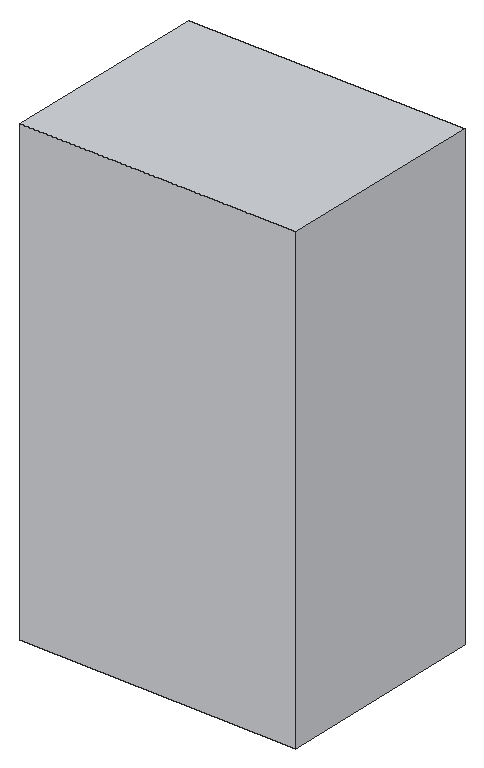
Revit family
Parameters
  Warranty Duration (Years) = 0
  Unit Width [instance] = 1' - 8 177/256"
  Unit Height [instance] = 0' - 9 99/256"
  Unit Depth = 0' - 0"
  URL = "http://www.americanspecialties.com/viewCategories.cfm"
  Trim Material = Metal - Stainless Steel
  Test Data = ""
  Specification = "http://www.arcat.com/sdspecs/htm/10810asi.htm"
  SpecWizard = ""
  Send Message = "http://www.arcat.com/users.pl?action=UserEmail&company=American%20Specialties,%20Inc.&coid=30448&rep=139&fax=914-476-0688&mf="
  Sales Information = "http://www.americanspecialties.com/contact"
  Revision = "R1_10-2010"
  Product Properties = "http://www.americanspecialties.com/datasheets/1001.pdf"
  Product Data = "http://www.arcat.com/arcatcos/cos30/arc30448.html"
  Model = "As Specified in 10 28 13"
  Manufacturer Website = "http://www.americanspecialties.com/viewCategories.cfm"
  Manufacturer Phone - Toll Free = ""
  Manufacturer Phone = "914-476-9000 "
  Manufacturer Fax = "914-476-0688"
  Manufacturer Address = "441 Saw Mill River Rd., Yonkers, NY 10701"
  Manufacturer = "American Specialties, Inc."
  Maintenance Schedule (Months) = 0
  Keynote = "10 28 13"
  Installation-Fabrication = "http://www.americanspecialties.com/products.cfm"
  Green Building-LEED = ""
  Expected Lifespan (Years) = 0
  Drawn By = "Robert S. Weygant. CSI, CDT, SCIP"  # constant formula
  Description = "Toilet Accessory as Specified in 10 28 13"
  Default Elevation = 4' - 0"
  Copyright = "©Arcat Inc."
  Construction Details = "http://www.arcat.com/green/clients/leed_data_30448.html"
  Building Codes = "http://www.americanspecialties.com/products.cfm"
  Body Material = Metal - Stainless Steel
  Assembly Code = "C1030210"
Reference planes (in)
  plane 1 "Center (Front/Back)": y = -0.29112
  plane 2 "Floor Line": z = 0
  plane 3 "Center (Left/Right)": x = -0.65843
Forms (in)
  Extrusion 1, solid
    sketch origin (-3, -9, -6) x (0, 0, -1) y (1, 0, 0)
      loop
        line (-82, 26) -> (-82, -19.34712) -> (-6, -19.34712) -> (-6, 26) -> (-82, 26)
    from 9 to -25.60721
  Extrusion 2, solid, material "Metal - Stainless Steel" <- "Body Material"
    sketch origin (0, 0, 0) x (1, 0, 0) y (0, 1, 0)
      loop
        line (-7.78343, 7.20888) -> (-7.78343, -7.79112) -> (6.46657, -7.79112) -> (6.46657, 7.20888) -> (-7.78343, 7.20888)
      loop
        line (-5.90843, 6.20888) -> (-5.90843, 2.20888) -> (4.59157, 2.20888) -> (4.59157, 6.20888) -> (-5.90843, 6.20888)
      loop
        line (4.59157, -6.79112) -> (4.59157, 1.20888) -> (-5.90843, 1.20888) -> (-5.90843, -6.79112) -> (4.59157, -6.79112)
    from 0 to 0.3125
  Extrusion 3, solid, material "Metal - Stainless Steel" <- "Body Material"
    sketch origin (0, 0, -10.71556) x (1, 0, 0) y (0, 1, 0)
      loop
        line (-5.84593, 6.20888) -> (-5.84593, 4.87555) -> (4.52907, 4.87555) -> (4.52907, 6.20888) -> (-5.84593, 6.20888)
      loop
        line (-5.84593, 2.20888) -> (4.52907, 2.20888) -> (4.52907, 3.54222) -> (-5.84593, 3.54222) -> (-5.84593, 2.20888)
    from -0.59694 to 11.02806
  Extrusion 4, solid, material "Metal - Stainless Steel" <- "Trim Material"
    sketch origin (0, 0, 0) x (1, 0, 0) y (0, 1, 0)
      loop
        circle (3.0851, -5.38634) r 0.75
    from 0.3125 to 0.34375
  Extrusion 5, solid, material "Metal - Stainless Steel" <- "Body Material"
    sketch origin (0, 0, 0) x (1, 0, 0) y (0, 1, 0)
      loop
        line (-5.90843, 1.20888) -> (-5.90843, -6.79112) -> (4.59157, -6.79112) -> (4.59157, 1.20888) -> (-5.90843, 1.20888)
    from 0 to 0.3125
Lines and regions (in)
  model lines
    curve 1: line (-5.90843, 4.87555, 0) -> (4.59157, 4.87555, 0)
    curve 2: line (-5.90843, 3.54222, 0) -> (4.59157, 3.54222, 0)
Dimensions and locks (in)
  aligned and locked: Extrusion 1 to level
  aligned and locked: Extrusion 4 to Extrusion 2
  aligned and locked: Extrusion 2 to Extrusion 5 sketch curve
  aligned and locked: Extrusion 5 sketch curve to Extrusion 2  (x3)
